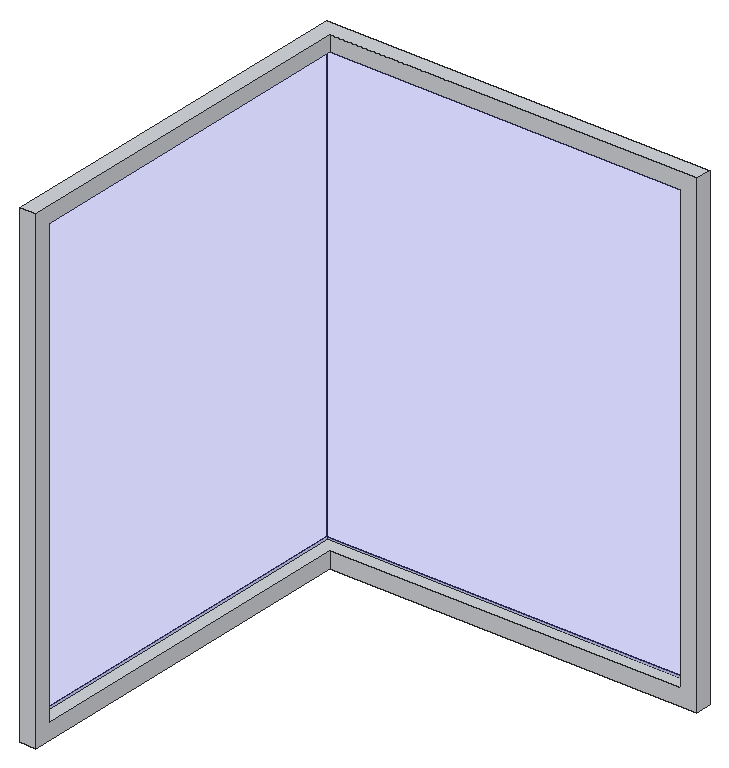
Revit family "janela de canto", category Windows, host Wall, Revit 2012
Parameters (values of type "Corner_Window_2366")
  vidro = Glass
  Width of Window B = 1000 mm
  Wall Thickness [instance] = 230 mm
  Wall Angle to host the corner window = 90.00°
  Inset = 40 mm
  Height = 1200 mm
  Glass Position = (Frame Thickness - 10 mm) / 2  # 15 mm
  Frame Width = 40 mm
  Frame Thickness = 40 mm
  Frame Material = none
  Default Sill Height = 900 mm
  Wall Closure = By host
  Width = 1000 mm
Types (2, lengths in mm): name | Width of Window B | Height | Width
  Corner_Window_2366 | 1000 | 1200 | 1000
  J/01 | 1500 | 2800 | 1500
Reference planes
  plane 1: y = 0
  plane 2 "Center (Left/Right)": x = 0
  plane 3 "Left": x = -500
  plane 4 "Right": x = 500
  plane 5 "Sill": z = 900
  plane 6 "Head": z = 2100
  plane 7 "Exterior": y = 75
  plane 8 "Interior": y = -75
Forms (mm)
  Extrusion 1, void
    sketch origin (0, 0, 0) x (1, 0, 0) y (0, 1, 0)
      loop
        line (500, 75) -> (-500, 75) -> (-500, -925) -> (-270, -925) -> (-270, -75) -> (500, -75) -> (500, 75)
    from 900 to 2100
  Sweep 2, solid, material <- "Frame Material"
    path origin (0, 0, 0) x (1, 0, 0) y (0, 1, 0)
      loop
        line (500, 35) -> (-460, 35) -> (-460, -925)
    profile origin (20, 35, 0) x (0, -1, 0) y (0, 0, 1)
      loop
        line (0, 900) -> (40, 900) -> (40, 940) -> (0, 940) -> (0, 900)
  Sweep 3, solid, material <- "Frame Material"
    path origin (0, 0, 0) x (1, 0, 0) y (0, 1, 0)
      loop
        line (500, 35) -> (-460, 35) -> (-460, -925)
    profile origin (20, 35, 0) x (0, -1, 0) y (0, 0, 1)
      loop
        line (0, 2100) -> (0, 2060) -> (40, 2060) -> (40, 2100) -> (0, 2100)
  Extrusion 4, solid, material <- "Frame Material"
    sketch origin (0, 0, 0) x (1, 0, 0) y (0, 1, 0)
      loop
        line (500, 35) -> (460, 35) -> (460, -5) -> (500, -5) -> (500, 35)
    from 940 to 2060
  Extrusion 5, solid, material <- "Frame Material"
    sketch origin (0, 0, 0) x (1, 0, 0) y (0, 1, 0)
      loop
        line (-460, -925) -> (-420, -925) -> (-420, -885) -> (-460, -885) -> (-460, -925)
    from 940 to 2060
  Sweep 6, solid, material "Glass" <- "vidro"
    path origin (0, 0, 0) x (1, 0, 0) y (0, 1, 0)
      loop
        line (460, 35) -> (-460, 35) -> (-460, -885)
    profile origin (0, 35, 0) x (0, -1, 0) y (0, 0, 1)
      loop
        line (0, 940) -> (10, 940) -> (10, 2060) -> (0, 2060) -> (0, 940)
Cuts and joins
  joined: Sweep 2, Sweep 3, Extrusion 4, Extrusion 5
Lines and regions (mm)
  symbolic lines, style "InvisibleLines"
    curve 1: line (-500, 75, 0) -> (-500, -925, 0)
    curve 2: line (-500, -925, 0) -> (-340, -925, 0)
Text (mm)
  text "EXTERIOR" at (-1963.203, 1332.353, 0), in view "Ref. Level"
  text "INTERIOR" at (-1981.466, -818.386, 0), in view "Ref. Level"
  text "Exterior" at (0, 923.751, 2943.296), in view "Right"
  text "Exterior" at (0, 1040.484, 2685.409), in view "Left"
Dimensions and locks
  equal spacing: plane 3 "Left", plane 2 "Center (Left/Right)", plane 4 "Right"
  "Width": plane 3 "Left" to plane 4 "Right"
  "Height": plane 5 "Sill" to plane 6 "Head"
  "Default Sill Height": plane 5 "Sill" to level
  locked: plane 7 "Exterior" to host wall at 0
  locked: plane 8 "Interior" to host wall
  "Wall Thickness": Extrusion 1 sketch curve to Extrusion 1 sketch curve
  "Width of Window B": Extrusion 1 sketch curve to Extrusion 1 sketch curve
  "Width of Window B": curve 2 to curve 1
  locked: curve 1 to curve 2 at 160
  "Inset": Sweep 2 sketch curve to plane 7 "Exterior"
  "Inset": curve 1 to Sweep 2 sketch curve
  "Default Sill Height": Sweep 2 sketch curve to profile plane
  "Frame Width": Sweep 2 sketch curve to Sweep 2 sketch curve
  "Frame Thickness": Sweep 2 sketch curve to Sweep 2 sketch curve
  "Inset": curve 1 to Sweep 3 sketch curve
  "Inset": plane 7 "Exterior" to Sweep 3 sketch curve
  "Height": plane 5 "Sill" to Sweep 3 sketch curve
  "Frame Width": Sweep 3 sketch curve to Sweep 3 sketch curve
  "Frame Thickness": Sweep 3 sketch curve to Sweep 3 sketch curve
  "Inset": Extrusion 4 sketch curve to plane 7 "Exterior"
  "Frame Thickness": Extrusion 4 sketch curve to Extrusion 4 sketch curve
  "Frame Width": Extrusion 4 sketch curve to Extrusion 4 sketch curve
  "Inset": curve 1 to Extrusion 5 sketch curve
  "Frame Width": Extrusion 5 sketch curve to Extrusion 5 sketch curve
  "Frame Thickness": Extrusion 5 sketch curve to Extrusion 5 sketch curve
  "Inset": curve 1 to Sweep 6 sketch curve
  "Inset": Sweep 6 sketch curve to plane 7 "Exterior"
  "Frame Width": curve 2 to Sweep 6 sketch curve
  "Frame Width": Sweep 6 sketch curve to plane 4 "Right"
  "Frame Width": plane 5 "Sill" to Sweep 6 sketch curve
  "Frame Width": Sweep 6 sketch curve to plane 6 "Head"
  locked: Sweep 6 sketch curve to Sweep 6 sketch curve at 10
  "Wall Angle to host the corner window": angle Extrusion 1 sketch curve to Extrusion 1 sketch curve  (x2)
  "Wall Angle to host the corner window": angle curve 1 to plane 7 "Exterior"
  aligned and locked: plane 4 "Right" to Extrusion 1 sketch curve
  aligned and locked: host wall to Extrusion 1 sketch curve
  aligned and locked: Extrusion 1 sketch curve to plane 4 "Right"
  aligned and locked: Extrusion 1 sketch curve to plane 8 "Interior"
  aligned and locked: Extrusion 1 to plane 6 "Head"
  aligned and locked: plane 5 "Sill" to Extrusion 1
  aligned and locked: plane 3 "Left" to curve 1
  aligned and locked: plane 7 "Exterior" to curve 1
  aligned and locked: plane 4 "Right" to Sweep 2 sketch curve
  aligned and locked: curve 2 to Sweep 2 sketch curve
  aligned and locked: profile plane to Sweep 2 sketch curve
  aligned and locked: curve 2 to Sweep 3 sketch curve
  aligned and locked: plane 4 "Right" to Sweep 3 sketch curve
  aligned and locked: Sweep 3 sketch curve to profile plane
  aligned and locked: Extrusion 4 sketch curve to plane 4 "Right"
  aligned and locked: Extrusion 4 to Sweep 3
  aligned and locked: Extrusion 4 to Sweep 2
  aligned and locked: curve 2 to Extrusion 5 sketch curve
  aligned and locked: Extrusion 5 to cut or joined group of Sweep 2, Sweep 3, Extrusion 4, Extrusion 5  (x2)
Automatic sketch dimensions
  Extrusion 1 sketch curve to plane 3 "Left" = 0 mm
  Sweep 6 sketch curve to profile plane = 0 mm
